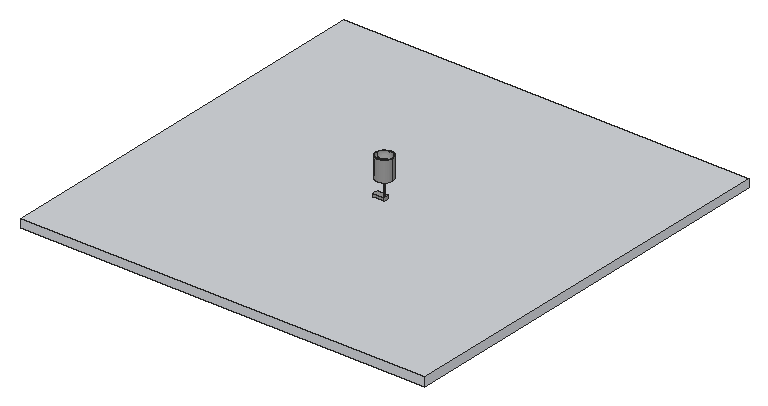
Revit family "LAMP_KOMBIC 100 SURFACE SUSPENDED TRACK 2500 CRI80 OPAL", category Luminarias, Revit 2018
Family settings
  Anfitrión = Cara
  Cota de conector redondo = Diámetro de uso
  Tipo de pieza = Normal
  Corte con vacíos al cargar = No
  Origen de luz = Sí
  Compartido = No
  Punto de cálculo de habitación = No
Parameters (values of type "1867LM 3000K  M/B")
  Ángulo de inclinación = -90.00°
  Weight = 0.498 kg
  UGR = ""
  Type = "COB PHILIPS"
  Protection rating = "IP40"
  Product datasheet = "http://www.lamp.es/product-files/TECH/K11ST2540OP830NMB-EN.pdf"
  Product code = "K11ST2540OP830NMB"
  Product URL = "https://www.lamp.es/en/family/kombic-surface_474354"
  Power Supply = "220-240V 50/60Hz"
  Power = 17 W
  Plum = 20.4 W
  Modelo = Product code  # "K11ST2540OP830NMB"
  Model explanation = "Possibility to modify the lenght of the suspension cable up to 1m"
  Material reflector = LAMP_PC Reflector Kombic Metalizado Mate
  Material floron = LAMP_Plástico genérico NG
  Material difusor = LAMP_PMMA Difusor Kombic
  Material cuerpo = LAMP_Plástico genérico NG
  Material cable suspension = LAMP_Acero genérico
  Manufacturer name = "LAMP"
  Manufacturer country = "Spain"
  Manufacturer URL = "http://www.lamp.es/en"
  MacAdam = "3"
  Luminaire type = "Track"
  Last update = "28/07/2021"
  Lamp = "COB LED"
  LED Lifetime = "50.000 L80 B10"
  Insulation class = "I"
  Installation instructions = "https://www.lamp.es/product-files/packed/by-family/474354_INS_all.zip"
  IEE = "A+"
  Wattage = 20.4 W
  built-in parameter 1150107 = 3000 (stored number, unit not read)
  built-in parameter 1150110 = 1 (stored number, unit not read)
  built-in parameter 1150109 = 1 (stored number, unit not read)
  built-in parameter 1150112 = 1 (stored number, unit not read)
  built-in parameter 1150113 = 1 (stored number, unit not read)
  built-in parameter 1114218 = 1 (stored number, unit not read)
  built-in parameter 1150137 = (empty or 0)
  built-in parameter 1150132 = 2
  built-in parameter 1150105 = 1670.3 (stored number, unit not read)
  built-in parameter 1150102 = (empty or 0)
  built-in parameter 1150106 = 16.703 (stored number, unit not read)
  Height suspension [instance] = 100 mm
  Height distance [instance] = if(Height suspension > 1 mm, if(Height suspension < 1000 mm, Height suspension, 1000 mm), 1 mm)  # 100 mm
  Height = 120 mm
  Gear = "Electronic"
  Lumens = 1866.6 lm
  Finish = "Matte black RAL 9011"
  Color Filter = 16777215
  built-in parameter 1114217 = 1 (stored number, unit not read)
  built-in parameter 1150139 = (empty or 0)
  Fabricante = Manufacturer name  # "LAMP"
  Default Elevation = 1219.2 mm
  built-in parameter 1150104 = 8.5006 (stored number, unit not read)
  Efficacy = 91.5 lm/W
  Diameter = 100 mm
  built-in parameter 1150115 = 1 (stored number, unit not read)
  built-in parameter 1150114 = 1 (stored number, unit not read)
  built-in parameter 1150138 = (empty or 0)
  built-in parameter 1150134 = (empty or 0)
  Dimming Lamp Color Temperature Shift = (empty or 0)
  CRI = "80"
  Archivo de red fotométrica = "K11rd2540OP830NMw.IES"
  built-in parameter 1150133 = 10 (stored number, unit not read)
Types (12, lengths in mm): name | Product datasheet | Product code | Modelo | Material reflector | Material cuerpo | Wattage | built-in parameter 1150107 | built-in parameter 1150105 | built-in parameter 1150106 | Lumens | Finish | built-in parameter 1150104 | Efficacy | built-in parameter 1150134 | Archivo de red fotométrica
  1867LM 3000K  M/B | "http://www.lamp.es/product-files/TECH/K11ST2540OP830NMB-EN.pdf" | "K11ST2540OP830NMB" | "K11ST2540OP830NMB" | LAMP_PC Reflector Kombic Metalizado Mate | LAMP_Plástico genérico NG | 20.4 W | 3000 (stored number, unit not read) | 1670.3 (stored number, unit not read) | 16.703 (stored number, unit not read) | 1866.6 lm | "Matte black RAL 9011" | 8.5006 (stored number, unit not read) | 91.5 lm/W | (empty or 0) | "K11rd2540OP830NMw.IES"
  1867LM 3000K  M/W | "http://www.lamp.es/product-files/TECH/K11ST2540OP830NMW-EN.pdf" | "K11ST2540OP830NMW" | "K11ST2540OP830NMW" | LAMP_PC Reflector Kombic Metalizado Mate | LAMP_Plástico genérico BL | 20.4 W | 3000 (stored number, unit not read) | 1670.3 (stored number, unit not read) | 16.703 (stored number, unit not read) | 1866.6 lm | "Matte Traffic white RAL 9016" | 8.5006 (stored number, unit not read) | 91.5 lm/W | (empty or 0) | "K11rd2540OP830NMW.IES"
  1951LM 3000K  W/B | "http://www.lamp.es/product-files/TECH/K11ST2540OP830NWB-EN.pdf" | "K11ST2540OP830NWB" | "K11ST2540OP830NWB" | LAMP_PC Reflector Kombic Blanco | LAMP_Plástico genérico NG | 20.4 W | 3000 (stored number, unit not read) | 1745.1 (stored number, unit not read) | 17.451 (stored number, unit not read) | 1950.24 lm | "Matte black RAL 9011" | 8.8815 (stored number, unit not read) | 95.6 lm/W | (empty or 0) | "K11rd2540OP830NWw.IES"
  1951LM 3000K  W/W | "http://www.lamp.es/product-files/TECH/K11ST2540OP830NWW-EN.pdf" | "K11ST2540OP830NWW" | "K11ST2540OP830NWW" | LAMP_PC Reflector Kombic Blanco | LAMP_Plástico genérico BL | 20.4 W | 3000 (stored number, unit not read) | 1745.1 (stored number, unit not read) | 17.451 (stored number, unit not read) | 1950.24 lm | "Matte Traffic white RAL 9016" | 8.8815 (stored number, unit not read) | 95.6 lm/W | (empty or 0) | "K11rd2540OP830NWW.IES"
  1959LM 3000K  BR/B | "http://www.lamp.es/product-files/TECH/K11ST2540OP830NRB-EN.pdf" | "K11ST2540OP830NRB" | "K11ST2540OP830NRB" | LAMP_PC Reflector Kombic Metalizado Brillante | LAMP_Plástico genérico NG | 20.4 W | 3000 (stored number, unit not read) | 1752.4 (stored number, unit not read) | 17.524 (stored number, unit not read) | 1958.4 lm | "Matte black RAL 9011" | 8.9187 (stored number, unit not read) | 96 lm/W | (empty or 0) | "K11rd2540OP830NRw.IES"
  1959LM 3000K  BR/W | "http://www.lamp.es/product-files/TECH/K11ST2540OP830NRW-EN.pdf" | "K11ST2540OP830NRW" | "K11ST2540OP830NRW" | LAMP_PC Reflector Kombic Metalizado Brillante | LAMP_Plástico genérico BL | 20.4 W | 3000 (stored number, unit not read) | 1752.4 (stored number, unit not read) | 17.524 (stored number, unit not read) | 1958.4 lm | "Matte Traffic white RAL 9016" | 8.9187 (stored number, unit not read) | 96 lm/W | (empty or 0) | "K11rd2540OP830NRW.IES"
  1978LM 4000K  M/B | "http://www.lamp.es/product-files/TECH/K11ST2540OP840NMB-EN.pdf" | "K11ST2540OP840NMB" | "K11ST2540OP840NMB" | LAMP_PC Reflector Kombic Metalizado Mate | LAMP_Plástico genérico NG | 20.4 W | 4000 (stored number, unit not read) | 1770.7 (stored number, unit not read) | 17.707 (stored number, unit not read) | 1978.8 lm | "Matte black RAL 9011" | 9.0116 (stored number, unit not read) | 97 lm/W | 12 | "K11rd2540OP840NMw.IES"
  1978LM 4000K  M/W | "http://www.lamp.es/product-files/TECH/K11ST2540OP840NMW-EN.pdf" | "K11ST2540OP840NMW" | "K11ST2540OP840NMW" | LAMP_PC Reflector Kombic Metalizado Mate | LAMP_Plástico genérico BL | 20.4 W | 4000 (stored number, unit not read) | 1770.7 (stored number, unit not read) | 17.707 (stored number, unit not read) | 1978.8 lm | "Matte Traffic white RAL 9016" | 9.0116 (stored number, unit not read) | 97 lm/W | 12 | "K11rd2540OP840NMW.IES"
  2067LM 4000K  W/B | "http://www.lamp.es/product-files/TECH/K11ST2540OP840NWB-EN.pdf" | "K11ST2540OP840NWB" | "K11ST2540OP840NWB" | LAMP_PC Reflector Kombic Blanco | LAMP_Plástico genérico NG | 20.4 W | 4000 (stored number, unit not read) | 1849.2 (stored number, unit not read) | 18.492 (stored number, unit not read) | 2066.52 lm | "Matte black RAL 9011" | 9.4111 (stored number, unit not read) | 101.3 lm/W | 12 | "K11rd2540OP840NWw.IES"
  2067LM 4000K  W/W | "http://www.lamp.es/product-files/TECH/K11ST2540OP840NWW-EN.pdf" | "K11ST2540OP840NWW" | "K11ST2540OP840NWW" | LAMP_PC Reflector Kombic Blanco | LAMP_Plástico genérico BL | 20.4 W | 4000 (stored number, unit not read) | 1849.2 (stored number, unit not read) | 18.492 (stored number, unit not read) | 2066.52 lm | "Matte Traffic white RAL 9016" | 9.4111 (stored number, unit not read) | 101.3 lm/W | 12 | "K11rd2540OP840NWW.IES"
  2075LM 4000K  BR/B | "http://www.lamp.es/product-files/TECH/K11ST2540OP840NRB-EN.pdf" | "K11ST2540OP840NRB" | "K11ST2540OP840NRB" | LAMP_PC Reflector Kombic Metalizado Brillante | LAMP_Plástico genérico NG | 20.4 W | 4000 (stored number, unit not read) | 1856.5 (stored number, unit not read) | 18.565 (stored number, unit not read) | 2074.68 lm | "Matte black RAL 9011" | 9.4482 (stored number, unit not read) | 101.7 lm/W | 12 | "K11rd2540OP840NRw.IES"
  2075LM 4000K  BR/W | "http://www.lamp.es/product-files/TECH/K11ST2540OP840NRW-EN.pdf" | "K11ST2540OP840NRW" | "K11ST2540OP840NRW" | LAMP_PC Reflector Kombic Metalizado Brillante | LAMP_Plástico genérico BL | 13.4 W | 4000 (stored number, unit not read) | 1245.8 (stored number, unit not read) | 12.458 (stored number, unit not read) | 1392.26 lm | "Matte Traffic white RAL 9016" | 9.6526 (stored number, unit not read) | 101.7 lm/W | 12 | "K11rd2040OP830NMw.IES"
Reference planes
  plane 1 "Centro (Frontal/Posterior)": y = 0
  plane 2: z = 0
  plane 3 "Centro (Izquierda/Derecha)": x = 0
Forms (mm)
  Extrusion 1, solid
    sketch origin (0, 0, 0) x (1, 0, 0) y (0, 1, 0)
      loop
        line (-1219.2, 1219.2) -> (-1219.2, -1219.2) -> (1219.2, -1219.2) -> (1219.2, 1219.2) -> (-1219.2, 1219.2)
    from 0 to -50
  Extrusion 2, solid, material "LAMP_Plástico genérico NG" <- "Material cuerpo"
    sketch origin (0, 0, 0) x (1, 0, 0) y (0, 1, 0)
      loop
        circle (0, 0) r 50
    from 114 to 234
  Extrusion 3, void
    sketch origin (0, 0, 0) x (1, 0, 0) y (0, 1, 0)
      loop
        circle (0, 0) r 48
    from 130.273 to 234
  Sweep 4, solid, material "LAMP_PC Reflector Kombic Metalizado Mate" <- "Material reflector"
    path origin (105.103, -251.845, 234) x (1, 0, 0) y (0, 1, 0)
      loop
        circle (-105.103, 251.959) r 48
    profile origin (0, 48.114, 234) x (0, -1, 0) y (0, 0, 1)
      loop
        arc (0, 0) -> (6.616, -20.646) -> (24, -33.6) r 35.52
        line (24, -33.6) -> (24, -32.6)
        arc (24, -32.6) -> (7.196, -20.217) -> (2, 0) r 31.112
        line (2, 0) -> (0, 0)
  Extrusion 5, solid, material "LAMP_PMMA Difusor Kombic" <- "Material difusor"
    sketch origin (0, 0, 0) x (1, 0, 0) y (0, 1, 0)
      loop
        circle (0, 0) r 24
    from 200.4 to 201.4
  Extrusion 6, solid, material "LAMP_Plástico genérico NG" <- "Material cuerpo"
    sketch origin (0, 0, 0) x (1, 0, 0) y (0, 1, 0)
      loop
        arc (-54.442, 16) -> (-58.313, 0) -> (-54.442, -16) r 35
        line (-54.442, -16) -> (7.815, -16)
        arc (7.815, -16) -> (11.687, 0) -> (7.815, 16) r 35
        line (7.815, 16) -> (-54.442, 16)
    from -26 to 14
  Extrusion 7, void
    sketch origin (0, 0, 0) x (0, 1, 0) y (0, 0, 1)
      loop
        line (17, 0) -> (7, 0) -> (7, -25) -> (-7, -25) -> (-7, 0) -> (-17, 0) -> (-17, -26) -> (17, -26) -> (17, 0)
    from -59.309 to 12.887
  Extrusion 8, solid
    sketch origin (0, 0, 0) x (1, 0, 0) y (0, 1, 0)
      loop
        circle (0, 0) r 1
    from 14 to 114
Cuts and joins
  Extrusion 3 cuts Extrusion 2
  Extrusion 7 cuts Extrusion 6
Text (mm)
  text "Any modification of the parameters and properties of the LAMP BIM models must be executed and validated by the LAMP technical department.\nPhone: +34 93 736 68 00\nE-mail: lamp@lamp.es\n\nLAMP reserves the right to modify the technical specifications of its products." at (1856.491, -4316.333, -2622.127), in view "Preview"
Dimensions and locks
  locked: Extrusion 2 to Extrusion 2 at 120
  locked: cut or joined group of Extrusion 2, Extrusion 3 to cut or joined group of Extrusion 2, Extrusion 3 at 103.727
  "Height distance": cut or joined group of Extrusion 2, Extrusion 3 to cut or joined group of Extrusion 6, Extrusion 7
  locked: cut or joined group of Extrusion 6, Extrusion 7 to Extrusion 1 at 14
  aligned and locked: plane 2 to Extrusion 1
  aligned and locked: level to Extrusion 1
  aligned and locked: Extrusion 2 to Extrusion 3
  aligned and locked: Sweep 4 to Extrusion 5
  aligned and locked: Extrusion 5 to Sweep 4
  aligned and locked: imposter light to cut or joined group of Extrusion 2, Extrusion 3
  aligned and locked: Extrusion 8 to cut or joined group of Extrusion 6, Extrusion 7
  aligned and locked: cut or joined group of Extrusion 2, Extrusion 3 to Extrusion 8
Automatic sketch dimensions
  Extrusion 1 sketch curve to Extrusion 1 sketch curve = 2438.4 mm  (x2)
  plane 1 "Centro (Frontal/Posterior)" to Extrusion 2 sketch curve = 0 mm
  Extrusion 2 sketch curve to plane 3 "Centro (Izquierda/Derecha)" = 0 mm
  plane 1 "Centro (Frontal/Posterior)" to Extrusion 3 sketch curve = 0 mm
  Extrusion 3 sketch curve to plane 3 "Centro (Izquierda/Derecha)" = 0 mm
  Sweep 4 sketch curve to profile plane = 0 mm  (x2)
  Sweep 4 sketch curve to Sweep 4 sketch curve = 2 mm
  Sweep 4 sketch curve to profile plane = 24 mm
  Sweep 4 sketch curve to profile plane = 2.814 mm
  Sweep 4 sketch curve to Sweep 4 sketch curve = 8.984 mm
  Sweep 4 sketch curve to Sweep 4 sketch curve = 2.536 mm
  plane 1 "Centro (Frontal/Posterior)" to Extrusion 5 sketch curve = 0 mm
  Extrusion 5 sketch curve to plane 3 "Centro (Izquierda/Derecha)" = 0 mm
  Extrusion 6 sketch curve to Extrusion 6 sketch curve = 0 mm  (x2)
  plane 1 "Centro (Frontal/Posterior)" to Extrusion 6 sketch curve = 0 mm
  Extrusion 6 sketch curve to plane 1 "Centro (Frontal/Posterior)" = 16 mm
  Extrusion 6 sketch curve to plane 3 "Centro (Izquierda/Derecha)" = 54.442 mm
  plane 1 "Centro (Frontal/Posterior)" to Extrusion 6 sketch curve = 16 mm
  Extrusion 6 sketch curve to plane 3 "Centro (Izquierda/Derecha)" = 23.313 mm
  plane 3 "Centro (Izquierda/Derecha)" to Extrusion 6 sketch curve = 7.815 mm
  Extrusion 7 sketch curve to level = 0 mm  (x2)
  plane 1 "Centro (Frontal/Posterior)" to Extrusion 7 sketch curve = 17 mm
  plane 1 "Centro (Frontal/Posterior)" to Extrusion 7 sketch curve = 7 mm
  Extrusion 7 sketch curve to plane 1 "Centro (Frontal/Posterior)" = 7 mm
  Extrusion 7 sketch curve to Extrusion 7 sketch curve = 10 mm
  Extrusion 7 sketch curve to Extrusion 7 sketch curve = 25 mm
  Extrusion 7 sketch curve to Extrusion 7 sketch curve = 1 mm
  plane 1 "Centro (Frontal/Posterior)" to Extrusion 8 sketch curve = 0 mm
  Extrusion 8 sketch curve to plane 3 "Centro (Izquierda/Derecha)" = 0 mm
  radius of Extrusion 2 sketch curve = 50 mm
  radius of Extrusion 3 sketch curve = 48 mm
  radius of Sweep 4 sketch curve = 48 mm
  radius of Extrusion 5 sketch curve = 24 mm
  radius of Extrusion 8 sketch curve = 1 mm
Connectors
  electrical at (0, 0, 114)
    settings: on cut or joined group of Extrusion 2, Extrusion 3, index 1, voltage 230 V, apparent load 0 VA, apparent load phase1 0 VA, apparent load phase2 0 VA, apparent load phase3 0 VA, power factor 1, load classification "Otro", number of poles 1, system type 31, power factor state 1, is connector primary yes, connector utility no, sub classification motor no, connector description ""
